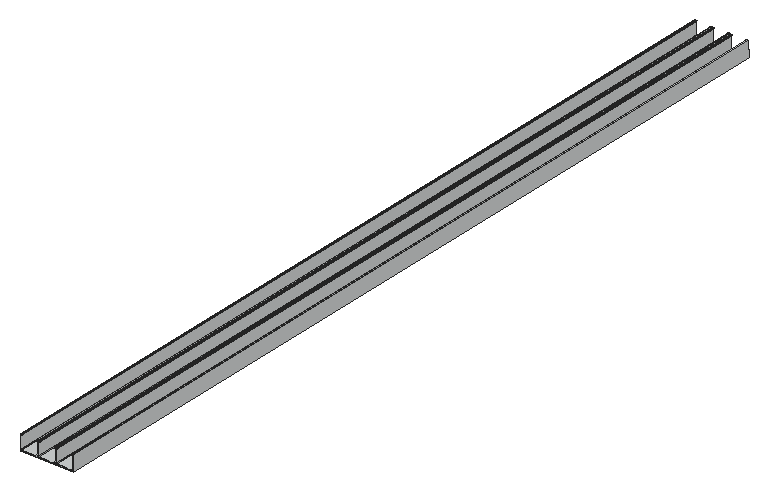
Revit family "Specialty_Equipment-Metal_Raceway-Hubbell_Wiring-Base-HBLALU7620B10", category Specialty Equipment, host Face, Revit 2015
Parameters
  URL = "http://www.hubbell-wiring.com/"
  Product data url = "https://bimobject.com/hubbellpremisewiring/product/hubbell-metal-raceway-alu7620"
  Product Page URL = "http://ecatalog.hubbell-wiring.com/ProductInformation/ViewCatalog.aspx?Dest=hubbell-wiring.com/press/catalog/r.pdf"
  Product Documentation Link = "http://www.hubbell-wiring.com/press/pdfs/h5233r08.pdf"
  Number Of Segments [instance] = roundup(Length / 120.00")  # 1
  Model = "HBLALU7620B10"
  Manufacturer = "Hubbell Wiring Device Kellems"  # constant formula
  Length Note [instance] = "Available in 10 foot Segments"  # constant formula
  Length [instance] = 120.00"
  Host Note = "Add in Section View; Host to Wall"  # constant formula
  Description = "Three Channel Base"  # constant formula
  Default Elevation = 48.00"
  Cable Tray Material = Metal-Hubbell-Aluminum
  B = 7.62"
  Assembly Code = "D5090900"
  A = 2.16"
Reference planes (in)
  plane 1 "Center (Front/Back)": y = 0
  plane 2: z = 0
  plane 3 "Center (Left/Right)": x = 0
  plane 4: z = 2.16
  plane 5: x = -3.81
  plane 6: x = 3.81
  plane 7: y = 60
  plane 8: y = -60
  plane 9: x = -1.27
  plane 10: x = 1.27
Forms (in)
  Extrusion 1, solid, material "Metal-Hubbell-Aluminum" <- "Cable Tray Material"
    sketch origin (0, 0, 0) x (1, 0, 0) y (0, 0, 1)
      loop
        line (-3.81, 2.16) -> (-3.81, 0) -> (3.81, 0) -> (3.81, 2.16) -> (3.75263, 2.16) -> (3.75263, 2.0949) -> (3.69028, 2.0949) -> (3.69028, 2.12645)
        arc (3.69028, 2.12645) -> (3.66592, 2.18525) -> (3.60712, 2.20961) r 0.08316
        arc (3.60712, 2.20961) -> (3.58035, 2.16926) -> (3.62794, 2.16029) r 0.02906
        line (3.62794, 2.16029) -> (3.62794, 2.10986)
        arc (3.62794, 2.10986) -> (3.65919, 2.04777) -> (3.72769, 2.03589) r 0.07731
        line (3.72769, 2.03589) -> (3.72769, 0.23067) -> (3.68903, 0.23067)
        arc (3.68903, 0.23067) -> (3.65786, 0.1995) -> (3.68903, 0.16833) r 0.03117
        line (3.68903, 0.16833) -> (3.72769, 0.16833) -> (3.72769, 0.09738)
        arc (3.72769, 0.09738) -> (3.7382, 0.0643) -> (3.70512, 0.07481) r 0.01955
        line (3.70512, 0.07481) -> (1.36363, 0.07481)
        arc (1.36363, 0.07481) -> (1.32978, 0.06353) -> (1.34106, 0.09738) r 0.01995
        line (1.34106, 0.09738) -> (1.34106, 0.16833) -> (1.37972, 0.16833)
        arc (1.37972, 0.16833) -> (1.41089, 0.1995) -> (1.37972, 0.23067) r 0.03117
        line (1.37972, 0.23067) -> (1.34106, 0.23067) -> (1.34106, 2.03589)
        arc (1.34106, 2.03589) -> (1.40956, 2.04777) -> (1.44081, 2.10986) r 0.07731
        line (1.44081, 2.10986) -> (1.44081, 2.16029)
        arc (1.44081, 2.16029) -> (1.4884, 2.16926) -> (1.46163, 2.20961) r 0.02906
        arc (1.46163, 2.20961) -> (1.40283, 2.18525) -> (1.37847, 2.12645) r 0.08316
        line (1.37847, 2.12645) -> (1.37847, 2.0949) -> (1.31613, 2.0949) -> (1.31613, 2.16) -> (1.21637, 2.16) -> (1.21637, 2.0949) -> (1.15403, 2.0949) -> (1.15403, 2.12645)
        arc (1.15403, 2.12645) -> (1.12967, 2.18525) -> (1.07087, 2.20961) r 0.08316
        arc (1.07087, 2.20961) -> (1.0441, 2.16926) -> (1.09169, 2.16029) r 0.02906
        line (1.09169, 2.16029) -> (1.09169, 2.10986)
        arc (1.09169, 2.10986) -> (1.12294, 2.04777) -> (1.19144, 2.03589) r 0.07731
        line (1.19144, 2.03589) -> (1.19144, 0.23067) -> (1.15278, 0.23067)
        arc (1.15278, 0.23067) -> (1.12161, 0.1995) -> (1.15278, 0.16833) r 0.03117
        line (1.15278, 0.16833) -> (1.19144, 0.16833) -> (1.19144, 0.09738)
        arc (1.19144, 0.09738) -> (1.20195, 0.0643) -> (1.16887, 0.07481) r 0.01955
        line (1.16887, 0.07481) -> (-1.17262, 0.07481)
        arc (-1.17262, 0.07481) -> (-1.20647, 0.06353) -> (-1.19519, 0.09738) r 0.01995
        line (-1.19519, 0.09738) -> (-1.19519, 0.16833) -> (-1.15653, 0.16833)
        arc (-1.15653, 0.16833) -> (-1.12536, 0.1995) -> (-1.15653, 0.23067) r 0.03117
        line (-1.15653, 0.23067) -> (-1.19519, 0.23067) -> (-1.19519, 2.03589)
        arc (-1.19519, 2.03589) -> (-1.12669, 2.04777) -> (-1.09544, 2.10986) r 0.07731
        line (-1.09544, 2.10986) -> (-1.09544, 2.16029)
        arc (-1.09544, 2.16029) -> (-1.04785, 2.16926) -> (-1.07462, 2.20961) r 0.02906
        arc (-1.07462, 2.20961) -> (-1.13342, 2.18525) -> (-1.15778, 2.12645) r 0.08316
        line (-1.15778, 2.12645) -> (-1.15778, 2.0949) -> (-1.22012, 2.0949) -> (-1.22012, 2.16) -> (-1.31988, 2.16) -> (-1.31988, 2.0949) -> (-1.38222, 2.0949) -> (-1.38222, 2.12645)
        arc (-1.38222, 2.12645) -> (-1.40658, 2.18525) -> (-1.46538, 2.20961) r 0.08316
        arc (-1.46538, 2.20961) -> (-1.49215, 2.16926) -> (-1.44456, 2.16029) r 0.02906
        line (-1.44456, 2.16029) -> (-1.44456, 2.10986)
        arc (-1.44456, 2.10986) -> (-1.41331, 2.04777) -> (-1.34481, 2.03589) r 0.07731
        line (-1.34481, 2.03589) -> (-1.34481, 0.23067) -> (-1.38347, 0.23067)
        arc (-1.38347, 0.23067) -> (-1.41464, 0.1995) -> (-1.38347, 0.16833) r 0.03117
        line (-1.38347, 0.16833) -> (-1.34481, 0.16833) -> (-1.34481, 0.09738)
        arc (-1.34481, 0.09738) -> (-1.3343, 0.0643) -> (-1.36738, 0.07481) r 0.01955
        line (-1.36738, 0.07481) -> (-3.70512, 0.07481)
        arc (-3.70512, 0.07481) -> (-3.73897, 0.06353) -> (-3.72769, 0.09738) r 0.01995
        line (-3.72769, 0.09738) -> (-3.72769, 0.16833) -> (-3.68903, 0.16833)
        arc (-3.68903, 0.16833) -> (-3.65786, 0.1995) -> (-3.68903, 0.23067) r 0.03117
        line (-3.68903, 0.23067) -> (-3.72769, 0.23067) -> (-3.72769, 2.03589)
        arc (-3.72769, 2.03589) -> (-3.65919, 2.04777) -> (-3.62794, 2.10986) r 0.07731
        line (-3.62794, 2.10986) -> (-3.62794, 2.16029)
        arc (-3.62794, 2.16029) -> (-3.58035, 2.16926) -> (-3.60712, 2.20961) r 0.02906
        arc (-3.60712, 2.20961) -> (-3.66592, 2.18525) -> (-3.69028, 2.12645) r 0.08316
        line (-3.69028, 2.12645) -> (-3.69028, 2.0949) -> (-3.75263, 2.0949) -> (-3.75263, 2.16) -> (-3.81, 2.16)
    from -60 to 60
Lines and regions (in)
  symbolic lines, style "symbolic lines"
    curve 1: line (0, 60, 0) -> (0, -60, 0)
    curve 2: line (0, 60, 2.16) -> (0, 60, 0)
    curve 3: line (0, -60, 2.16) -> (0, 60, 2.16)
    curve 4: line (0, -60, 0) -> (0, -60, 2.16)
    curve 65: line (-3.81, -60, 0) -> (-3.81, 60, 0)
    curve 66: line (-3.81, 60, 0) -> (3.81, 60, 0)
    curve 67: line (3.81, 60, 0) -> (3.81, -60, 0)
    curve 68: line (3.81, -60, 0) -> (-3.81, -60, 0)
    curve 69: line (3.81, 0, 0) -> (3.81, 0, 2.16)
    curve 70: line (-3.81, 0, 0) -> (3.81, 0, 0)
    curve 71: line (-3.81, 0, 2.16) -> (-3.81, 0, 0)
    curve 72: line (-3.72769, 0, 0.07481) -> (-3.72769, 0, 2.16)
    curve 73: line (-1.34481, 0, 0.07481) -> (-3.72769, 0, 0.07481)
    curve 74: line (-1.34481, 0, 2.16) -> (-1.34481, 0, 0.07481)
    curve 75: line (-1.19519, 0, 0.07481) -> (-1.19519, 0, 2.16)
    curve 76: line (-1.19519, 0, 2.16) -> (-1.34481, 0, 2.16)
    curve 77: line (3.72769, 0, 2.16) -> (3.72769, 0, 0.07481)
    curve 78: line (1.34106, 0, 0.07481) -> (3.72769, 0, 0.07481)
    curve 79: line (3.81, 0, 2.16) -> (3.72769, 0, 2.16)
    curve 80: line (-3.81, 0, 2.16) -> (-3.72769, 0, 2.16)
    curve 109: line (1.34106, 0, 0.07481) -> (1.34106, 0, 2.16)
    curve 110: line (1.19144, 0, 2.16) -> (1.19144, 0, 0.07481)
    curve 111: line (-1.19519, 0, 0.07481) -> (1.19144, 0, 0.07481)
    curve 112: line (1.34106, 0, 2.16) -> (1.19144, 0, 2.16)
  reference lines
    curve 5: line (-3.81, 0, 2.16) -> (-3.81, 0, 0)
    curve 6: line (-3.75263, 0, 2.16) -> (-3.81, 0, 2.16)
    curve 7: line (-3.75263, 0, 2.0949) -> (-3.75263, 0, 2.16)
    curve 8: line (-3.69028, 0, 2.0949) -> (-3.75263, 0, 2.0949)
    curve 9: line (-3.69028, 0, 2.12645) -> (-3.69028, 0, 2.0949)
    curve 10: arc (-3.60712, 0, 2.20961) -> (-3.66592, 0, 2.18525) -> (-3.69028, 0, 2.12645) r 0.08316
    curve 11: arc (-3.62794, 0, 2.16029) -> (-3.58035, 0, 2.16926) -> (-3.60712, 0, 2.20961) r 0.02906
    curve 12: line (-3.62794, 0, 2.10986) -> (-3.62794, 0, 2.16029)
    curve 13: arc (-3.72769, 0, 2.03589) -> (-3.65919, 0, 2.04777) -> (-3.62794, 0, 2.10986) r 0.07731
    curve 14: line (-3.72769, 0, 0.23067) -> (-3.72769, 0, 2.03589)
    curve 15: line (-3.68903, 0, 0.23067) -> (-3.72769, 0, 0.23067)
    curve 16: arc (-3.68903, 0, 0.16833) -> (-3.65786, 0, 0.1995) -> (-3.68903, 0, 0.23067) r 0.03117
    curve 17: line (-3.72769, 0, 0.16833) -> (-3.68903, 0, 0.16833)
    curve 18: line (-3.72769, 0, 0.09738) -> (-3.72769, 0, 0.16833)
    curve 19: arc (-3.70512, 0, 0.07481) -> (-3.73897, 0, 0.06353) -> (-3.72769, 0, 0.09738) r 0.01995
    curve 20: line (-1.36738, 0, 0.07481) -> (-3.70512, 0, 0.07481)
    curve 21: arc (-1.34481, 0, 0.09738) -> (-1.3343, 0, 0.0643) -> (-1.36738, 0, 0.07481) r 0.01955
    curve 22: line (-1.34481, 0, 0.16833) -> (-1.34481, 0, 0.09738)
    curve 23: line (-1.38347, 0, 0.16833) -> (-1.34481, 0, 0.16833)
    curve 24: arc (-1.38347, 0, 0.23067) -> (-1.41464, 0, 0.1995) -> (-1.38347, 0, 0.16833) r 0.03117
    curve 25: line (-1.34481, 0, 0.23067) -> (-1.38347, 0, 0.23067)
    curve 26: line (-1.34481, 0, 2.03589) -> (-1.34481, 0, 0.23067)
    curve 27: arc (-1.44456, 0, 2.10986) -> (-1.41331, 0, 2.04777) -> (-1.34481, 0, 2.03589) r 0.07731
    curve 28: line (-1.44456, 0, 2.16029) -> (-1.44456, 0, 2.10986)
    curve 29: arc (-1.46538, 0, 2.20961) -> (-1.49215, 0, 2.16926) -> (-1.44456, 0, 2.16029) r 0.02906
    curve 30: arc (-1.38222, 0, 2.12645) -> (-1.40658, 0, 2.18525) -> (-1.46538, 0, 2.20961) r 0.08316
    curve 31: line (-1.38222, 0, 2.0949) -> (-1.38222, 0, 2.12645)
    curve 32: line (-1.31988, 0, 2.0949) -> (-1.38222, 0, 2.0949)
    curve 33: line (-1.31988, 0, 2.16) -> (-1.31988, 0, 2.0949)
    curve 34: line (-1.22012, 0, 2.16) -> (-1.31988, 0, 2.16)
    curve 35: line (-1.22012, 0, 2.0949) -> (-1.22012, 0, 2.16)
    curve 36: line (-1.15778, 0, 2.0949) -> (-1.22012, 0, 2.0949)
    curve 37: arc (-1.07462, 0, 2.20961) -> (-1.13342, 0, 2.18525) -> (-1.15778, 0, 2.12645) r 0.08316
    curve 38: line (-1.15778, 0, 2.12645) -> (-1.15778, 0, 2.0949)
    curve 39: arc (-1.09544, 0, 2.16029) -> (-1.04785, 0, 2.16926) -> (-1.07462, 0, 2.20961) r 0.02906
    curve 40: line (-1.09544, 0, 2.10986) -> (-1.09544, 0, 2.16029)
    curve 41: arc (-1.19519, 0, 2.03589) -> (-1.12669, 0, 2.04777) -> (-1.09544, 0, 2.10986) r 0.07731
    curve 42: line (-1.19519, 0, 0.23067) -> (-1.19519, 0, 2.03589)
    curve 43: line (-1.15653, 0, 0.23067) -> (-1.19519, 0, 0.23067)
    curve 44: arc (-1.15653, 0, 0.16833) -> (-1.12536, 0, 0.1995) -> (-1.15653, 0, 0.23067) r 0.03117
    curve 45: line (-1.19519, 0, 0.16833) -> (-1.15653, 0, 0.16833)
    curve 46: line (-1.19519, 0, 0.09738) -> (-1.19519, 0, 0.16833)
    curve 47: arc (-1.17262, 0, 0.07481) -> (-1.20647, 0, 0.06353) -> (-1.19519, 0, 0.09738) r 0.01995
    curve 48: line (1.16887, 0, 0.07481) -> (-1.17262, 0, 0.07481)
    curve 49: arc (3.72769, 0, 0.09738) -> (3.7382, 0, 0.0643) -> (3.70512, 0, 0.07481) r 0.01955
    curve 50: line (3.72769, 0, 0.16833) -> (3.72769, 0, 0.09738)
    curve 51: line (3.68903, 0, 0.16833) -> (3.72769, 0, 0.16833)
    curve 52: arc (3.68903, 0, 0.23067) -> (3.65786, 0, 0.1995) -> (3.68903, 0, 0.16833) r 0.03117
    curve 53: line (3.72769, 0, 0.23067) -> (3.68903, 0, 0.23067)
    curve 54: line (3.72769, 0, 2.03589) -> (3.72769, 0, 0.23067)
    curve 55: arc (3.62794, 0, 2.10986) -> (3.65919, 0, 2.04777) -> (3.72769, 0, 2.03589) r 0.07731
    curve 56: line (3.62794, 0, 2.16029) -> (3.62794, 0, 2.10986)
    curve 57: arc (3.60712, 0, 2.20961) -> (3.58035, 0, 2.16926) -> (3.62794, 0, 2.16029) r 0.02906
    curve 58: arc (3.69028, 0, 2.12645) -> (3.66592, 0, 2.18525) -> (3.60712, 0, 2.20961) r 0.08316
    curve 59: line (3.69028, 0, 2.0949) -> (3.69028, 0, 2.12645)
    curve 60: line (3.75263, 0, 2.0949) -> (3.69028, 0, 2.0949)
    curve 61: line (3.75263, 0, 2.16) -> (3.75263, 0, 2.0949)
    curve 62: line (3.81, 0, 2.16) -> (3.75263, 0, 2.16)
    curve 63: line (3.81, 0, 0) -> (3.81, 0, 2.16)
    curve 64: line (-3.81, 0, 0) -> (3.81, 0, 0)
    curve 81: arc (1.19144, 0, 0.09738) -> (1.20195, 0, 0.0643) -> (1.16887, 0, 0.07481) r 0.01955
    curve 82: line (1.19144, 0, 0.16833) -> (1.19144, 0, 0.09738)
    curve 83: line (1.15278, 0, 0.16833) -> (1.19144, 0, 0.16833)
    curve 84: arc (1.15278, 0, 0.23067) -> (1.12161, 0, 0.1995) -> (1.15278, 0, 0.16833) r 0.03117
    curve 85: line (1.19144, 0, 0.23067) -> (1.15278, 0, 0.23067)
    curve 86: line (1.19144, 0, 2.03589) -> (1.19144, 0, 0.23067)
    curve 87: arc (1.09169, 0, 2.10986) -> (1.12294, 0, 2.04777) -> (1.19144, 0, 2.03589) r 0.07731
    curve 88: line (1.09169, 0, 2.16029) -> (1.09169, 0, 2.10986)
    curve 89: arc (1.07087, 0, 2.20961) -> (1.0441, 0, 2.16926) -> (1.09169, 0, 2.16029) r 0.02906
    curve 90: arc (1.15403, 0, 2.12645) -> (1.12967, 0, 2.18525) -> (1.07087, 0, 2.20961) r 0.08316
    curve 91: line (1.15403, 0, 2.0949) -> (1.15403, 0, 2.12645)
    curve 92: line (1.21637, 0, 2.0949) -> (1.15403, 0, 2.0949)
    curve 93: line (1.21637, 0, 2.16) -> (1.21637, 0, 2.0949)
    curve 94: line (1.31613, 0, 2.16) -> (1.21637, 0, 2.16)
    curve 95: line (1.31613, 0, 2.0949) -> (1.31613, 0, 2.16)
    curve 96: line (1.37847, 0, 2.0949) -> (1.31613, 0, 2.0949)
    curve 97: arc (1.46163, 0, 2.20961) -> (1.40283, 0, 2.18525) -> (1.37847, 0, 2.12645) r 0.08316
    curve 98: line (1.37847, 0, 2.12645) -> (1.37847, 0, 2.0949)
    curve 99: arc (1.44081, 0, 2.16029) -> (1.4884, 0, 2.16926) -> (1.46163, 0, 2.20961) r 0.02906
    curve 100: line (1.44081, 0, 2.10986) -> (1.44081, 0, 2.16029)
    curve 101: arc (1.34106, 0, 2.03589) -> (1.40956, 0, 2.04777) -> (1.44081, 0, 2.10986) r 0.07731
    curve 102: line (1.34106, 0, 0.23067) -> (1.34106, 0, 2.03589)
    curve 103: line (1.37972, 0, 0.23067) -> (1.34106, 0, 0.23067)
    curve 104: arc (1.37972, 0, 0.16833) -> (1.41089, 0, 0.1995) -> (1.37972, 0, 0.23067) r 0.03117
    curve 105: line (1.34106, 0, 0.16833) -> (1.37972, 0, 0.16833)
    curve 106: line (1.34106, 0, 0.09738) -> (1.34106, 0, 0.16833)
    curve 107: arc (1.36363, 0, 0.07481) -> (1.32978, 0, 0.06353) -> (1.34106, 0, 0.09738) r 0.01995
    curve 108: line (1.36363, 0, 0.07481) -> (3.70512, 0, 0.07481)
Dimensions and locks (in)
  "A": plane 4 to plane 2
  equal spacing: plane 5, plane 3 "Center (Left/Right)", plane 6
  "B": plane 5 to plane 6
  equal spacing: plane 7, plane 1 "Center (Front/Back)", plane 8
  "Length": plane 7 to plane 8
  equal spacing: plane 9, plane 3 "Center (Left/Right)", plane 10
  aligned and locked: plane 2 to host face
  aligned and locked: level to host face
  aligned and locked: plane 5 to curve 5
  aligned and locked: curve 64 to plane 2
  aligned and locked: plane 4 to curve 34
  aligned and locked: curve 63 to plane 6
  aligned and locked: plane 4 to curve 62
  aligned and locked: plane 4 to curve 6
  aligned and locked: Extrusion 1 sketch curve to curve 5
  aligned and locked: Extrusion 1 sketch curve to curve 64
  aligned and locked: Extrusion 1 sketch curve to curve 63
  aligned and locked: Extrusion 1 sketch curve to curve 62
  aligned and locked: Extrusion 1 sketch curve to curve 61
  aligned and locked: Extrusion 1 sketch curve to curve 60
  aligned and locked: Extrusion 1 sketch curve to curve 59
  aligned and locked: Extrusion 1 sketch curve to curve 58
  aligned and locked: Extrusion 1 sketch curve to curve 56
  aligned and locked: Extrusion 1 sketch curve to curve 54
  aligned and locked: Extrusion 1 sketch curve to curve 53
  aligned and locked: Extrusion 1 sketch curve to curve 51
  aligned and locked: Extrusion 1 sketch curve to curve 50
  aligned and locked: Extrusion 1 sketch curve to curve 49
  aligned and locked: Extrusion 1 sketch curve to curve 46
  aligned and locked: Extrusion 1 sketch curve to curve 45
  aligned and locked: Extrusion 1 sketch curve to curve 43
  aligned and locked: Extrusion 1 sketch curve to curve 42
  aligned and locked: Extrusion 1 sketch curve to curve 40
  aligned and locked: Extrusion 1 sketch curve to curve 38
  aligned and locked: Extrusion 1 sketch curve to curve 35
  aligned and locked: Extrusion 1 sketch curve to curve 34
  aligned and locked: Extrusion 1 sketch curve to curve 33
  aligned and locked: Extrusion 1 sketch curve to curve 32
  aligned and locked: Extrusion 1 sketch curve to curve 30
  aligned and locked: Extrusion 1 sketch curve to curve 28
  aligned and locked: Extrusion 1 sketch curve to curve 26
  aligned and locked: Extrusion 1 sketch curve to curve 25
  aligned and locked: Extrusion 1 sketch curve to curve 23
  aligned and locked: Extrusion 1 sketch curve to curve 22
  aligned and locked: Extrusion 1 sketch curve to curve 20
  aligned and locked: Extrusion 1 sketch curve to curve 18
  aligned and locked: Extrusion 1 sketch curve to curve 17
  aligned and locked: Extrusion 1 sketch curve to curve 15
  aligned and locked: Extrusion 1 sketch curve to curve 14
  aligned and locked: Extrusion 1 sketch curve to curve 12
  aligned and locked: Extrusion 1 sketch curve to curve 9
  aligned and locked: Extrusion 1 sketch curve to curve 8
  aligned and locked: Extrusion 1 sketch curve to curve 7
  aligned and locked: Extrusion 1 sketch curve to curve 6
  aligned and locked: plane 7 to Extrusion 1
  aligned and locked: Extrusion 1 to plane 8
  aligned and locked: curve 65 to plane 5
  aligned and locked: plane 8 to curve 68
  aligned and locked: plane 6 to curve 67
  aligned and locked: curve 66 to plane 7
  aligned and locked: curve 69 to Extrusion 1
  aligned and locked: curve 70 to Extrusion 1
  aligned and locked: curve 71 to Extrusion 1
  aligned and locked: curve 72 to Extrusion 1
  aligned and locked: curve 73 to Extrusion 1
  aligned and locked: curve 74 to Extrusion 1
  aligned and locked: curve 75 to Extrusion 1
  aligned and locked: curve 76 to Extrusion 1
  aligned and locked: curve 77 to Extrusion 1
  aligned and locked: plane 4 to curve 79
  aligned and locked: plane 8 to curve 4
  aligned and locked: curve 2 to plane 7
  aligned and locked: curve 3 to plane 4
  aligned and locked: curve 1 to plane 2
  aligned and locked: curve 48 to curve 108
  aligned and locked: Extrusion 1 sketch curve to curve 48
  aligned and locked: Extrusion 1 sketch curve to curve 81
  aligned and locked: Extrusion 1 sketch curve to curve 82
  aligned and locked: Extrusion 1 sketch curve to curve 84
  aligned and locked: Extrusion 1 sketch curve to curve 85
  aligned and locked: Extrusion 1 sketch curve to curve 86
  aligned and locked: Extrusion 1 sketch curve to curve 87
  aligned and locked: Extrusion 1 sketch curve to curve 88
  aligned and locked: Extrusion 1 sketch curve to curve 89
  aligned and locked: Extrusion 1 sketch curve to curve 90
  aligned and locked: Extrusion 1 sketch curve to curve 91
  aligned and locked: Extrusion 1 sketch curve to curve 92
  aligned and locked: Extrusion 1 sketch curve to curve 93
  aligned and locked: Extrusion 1 sketch curve to curve 94
  aligned and locked: Extrusion 1 sketch curve to curve 95
  aligned and locked: Extrusion 1 sketch curve to curve 96
  aligned and locked: Extrusion 1 sketch curve to curve 97
  aligned and locked: Extrusion 1 sketch curve to curve 99
  aligned and locked: Extrusion 1 sketch curve to curve 101
  aligned and locked: Extrusion 1 sketch curve to curve 102
  aligned and locked: Extrusion 1 sketch curve to curve 104
  aligned and locked: Extrusion 1 sketch curve to curve 105
  aligned and locked: Extrusion 1 sketch curve to curve 106
  aligned and locked: Extrusion 1 sketch curve to curve 107
  aligned and locked: Extrusion 1 sketch curve to curve 108
  aligned and locked: curve 109 to Extrusion 1
  aligned and locked: curve 110 to Extrusion 1
  aligned and locked: curve 20 to curve 111
  aligned and locked: curve 112 to Extrusion 1
Automatic sketch dimensions
  host sketch curve to host sketch curve = 96.00"  (x2)
  Extrusion 1 sketch curve to Extrusion 1 sketch curve = 0.00282"  (x4)
  Extrusion 1 sketch curve to Extrusion 1 sketch curve = 0.01496"  (x5)
  Extrusion 1 sketch curve to Extrusion 1 sketch curve = 0.01975"  (x2)
  Extrusion 1 sketch curve to Extrusion 1 sketch curve = 0.03865"  (x4)
  Extrusion 1 sketch curve to Extrusion 1 sketch curve = 0.02082"  (x2)
  Extrusion 1 sketch curve to Extrusion 1 sketch curve = 0.02257"
  Extrusion 1 sketch curve to Extrusion 1 sketch curve = 0.00331"  (x2)
  Extrusion 1 sketch curve to Extrusion 1 sketch curve = 0.05901"  (x3)
  Extrusion 1 sketch curve to plane 4 = 0.12411"
  Extrusion 1 sketch curve to Extrusion 1 sketch curve = 0.01659"  (x2)
  plane 4 to Extrusion 1 sketch curve = 0.00029"  (x4)
  plane 4 to Extrusion 1 sketch curve = 0.02056"  (x4)
  curve 94 to plane 4 = 0.00"
  curve 6 to plane 5 = 0.05737"
  curve 14 to plane 5 = 0.08231"
  curve 18 to plane 5 = 0.08231"
  curve 18 to curve 19 = 0.00282"
  curve 7 to curve 13 = 0.04738"
  curve 19 to curve 19 = 0.01975"
  curve 13 to curve 8 = 0.01496"
  curve 14 to curve 16 = 0.03865"
  plane 4 to curve 12 = 0.00029"
  curve 9 to curve 12 = 0.06234"
  curve 12 to curve 11 = 0.02082"
  curve 30 to plane 4 = 0.03355"
  plane 9 to curve 30 = 0.19538"
  curve 30 to curve 28 = 0.02082"
  plane 9 to curve 24 = 0.11347"
  curve 28 to curve 32 = 0.06234"
  curve 23 to curve 21 = 0.01608"
  curve 31 to curve 27 = 0.01496"  (x2)
  curve 21 to curve 21 = 0.01927"
  curve 31 to curve 27 = 0.03741"
  curve 23 to curve 23 = 0.03865"
  curve 27 to curve 33 = 0.04738"
  curve 35 to plane 9 = 0.04988"
  curve 47 to plane 9 = 0.07481"
  curve 43 to curve 45 = 0.00"
  curve 46 to curve 47 = 0.00282"
  curve 35 to curve 41 = 0.04738"
  curve 47 to curve 47 = 0.01975"
  curve 41 to curve 38 = 0.01496"
  curve 42 to curve 44 = 0.03865"
  plane 4 to curve 39 = 0.00029"
  curve 37 to curve 39 = 0.06234"
  curve 40 to curve 37 = 0.02082"
  curve 90 to plane 4 = 0.03355"
  plane 10 to curve 90 = 0.19913"
  plane 4 to curve 88 = 0.00029"
  curve 89 to curve 88 = 0.02082"
  plane 10 to curve 84 = 0.11722"
  curve 87 to curve 91 = 0.06234"
  curve 83 to curve 48 = 0.01608"
  curve 91 to curve 87 = 0.01496"
  curve 48 to curve 81 = 0.01927"
  curve 81 to curve 81 = 0.00331"
  curve 91 to curve 87 = 0.03741"
  plane 10 to curve 94 = 0.05363"
  curve 95 to plane 10 = 0.04613"
  curve 107 to plane 10 = 0.07106"
  curve 95 to curve 101 = 0.02494"
  curve 107 to curve 107 = 0.00282"
  curve 95 to curve 101 = 0.04738"
  curve 107 to curve 108 = 0.01975"
  curve 101 to curve 96 = 0.01496"
  curve 102 to curve 104 = 0.03865"
  curve 101 to plane 4 = 0.05014"
  curve 96 to curve 101 = 0.06234"
  curve 99 to curve 99 = 0.02082"
  curve 58 to plane 4 = 0.03355"
  plane 6 to curve 58 = 0.20288"
  curve 58 to curve 56 = 0.02082"
  plane 6 to curve 52 = 0.12097"
  curve 55 to curve 59 = 0.06234"
  curve 52 to curve 108 = 0.01608"
  curve 59 to curve 55 = 0.01496"
  curve 108 to curve 49 = 0.01927"
  curve 52 to curve 54 = 0.03865"
  curve 52 to curve 50 = 0.03865"
  curve 55 to curve 60 = 0.04738"
  level to curve 19 = 0.07481"
  level to curve 108 = 0.07481"
  curve 108 to curve 107 = 0.00282"
  curve 20 to curve 19 = 0.00282"
  curve 47 to curve 47 = 0.00282"
  curve 48 to curve 81 = 0.00331"
  curve 108 to curve 49 = 0.00331"
  curve 21 to curve 21 = 0.00331"
  curve 18 to curve 18 = 0.07094"
  curve 106 to curve 106 = 0.07094"
  curve 50 to curve 52 = 0.07094"
  curve 21 to curve 22 = 0.07094"
  curve 81 to curve 82 = 0.07094"
  curve 46 to curve 46 = 0.07094"
  curve 51 to curve 52 = 0.03117"
  curve 44 to curve 44 = 0.03117"
  curve 104 to curve 104 = 0.03117"
  curve 24 to curve 24 = 0.03117"
  curve 16 to curve 16 = 0.03117"
  curve 83 to curve 84 = 0.03117"
  curve 42 to plane 4 = 0.12411"
  curve 14 to plane 4 = 0.12411"
  curve 54 to curve 58 = 0.09056"
  curve 86 to curve 90 = 0.09056"
  curve 27 to curve 31 = 0.09056"
  curve 95 to curve 101 = 0.01496"
  curve 93 to curve 87 = 0.01496"
  curve 7 to curve 13 = 0.01496"
  curve 35 to curve 41 = 0.01496"
  curve 61 to curve 55 = 0.01496"
  curve 12 to curve 10 = 0.01659"
  curve 41 to curve 38 = 0.01659"
  curve 100 to curve 97 = 0.01659"
  plane 4 to curve 29 = 0.00029"
  plane 4 to curve 99 = 0.00029"
  plane 4 to curve 56 = 0.00029"
  plane 4 to curve 39 = 0.02056"
  plane 4 to curve 89 = 0.02056"
  plane 4 to curve 57 = 0.02056"
  plane 4 to curve 11 = 0.02056"
  plane 4 to curve 99 = 0.02056"
  plane 4 to curve 29 = 0.02056"
  curve 72 to plane 4 = 0.00"
  curve 78 to curve 110 = 0.00"
